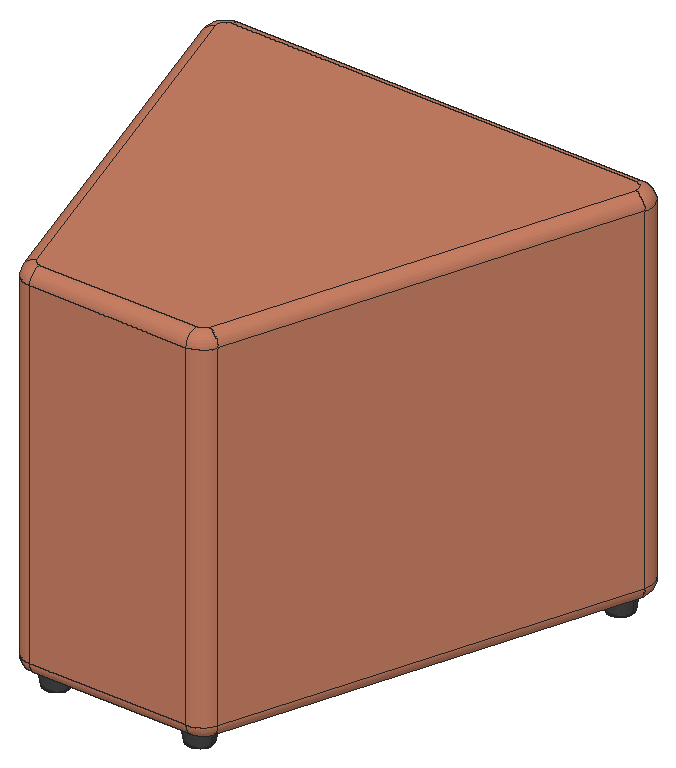
Revit family "BuroSeating_Konfurb Star_Ottoman 2", category Furniture, Revit 2020
Family settings
  OmniClass Number = 23.40.70.14.64.11
  OmniClass Title = Office Furniture
  Work Plane-Based = No
  Always vertical = Yes
  Cut with Voids When Loaded = No
  Shared = No
  Room Calculation Point = No
Parameters (values of type "KON723-OTT2")
  WarrantyDescription = "Full 5 year guarantee (excluding upholstery)"  # constant formula
  URL AU = "https://buroseating.com/"
  URL = "https://buroseating.co.nz/"
  SeatMaterial [instance] = BuroSeating_Fabric_Dolly Flame
  SeatHeight = 450 mm  # constant formula
  ProductRange = "Konfurb"  # constant formula
  ProductPageURL NZ = "https://buroseating.co.nz/product/star/"
  ProductPageURL AU = "https://buroseating.com/product/star/"
  ProductGroup = "Star"  # constant formula
  NominalWidth = 530 mm  # constant formula
  NominalLength = 500 mm  # constant formula
  NominalHeight = 450 mm  # constant formula
  Model = "KON723-OTT2"  # constant formula
  Manufacturer = "Buro Seating"  # constant formula
  Keynote = ""
  FeetMaterial = BuroSeating_Plastic_Black
  FeetDiameter = 35 mm  # constant formula
  Description = "Konfub Star Ottoman 2"  # constant formula
  ContactEmail NZ = "seating@buroseating.com"
  ContactEmail AU = "seating@buroseating.com.au"
  BaseOffset = 18 mm  # constant formula
  Default Elevation = 0 mm
  Assembly Code = "E2020"
Reference planes
  plane 1 "Front": y = 0
  plane 2: z = 0
  plane 3 "Left": x = 0
  plane 4 "Right": x = 200
  plane 5 "Base": z = 18
  plane 6 "Center L/S": y = 500
  plane 7 "SeatHeight": z = 450
  plane 8 "Feet04": x = 100
  plane 9 "Center (Left/Right)": x = 100
  plane 10 "Center (Front/Back)": y = 250
  plane 11 "FarLeft": x = -165
  plane 12 "FarRight": x = 365
  plane 13 "Feet08": x = 265
Forms (mm)
  Extrusion 1, solid, material "BuroSeating_Fabric_Dolly Flame" <- "SeatMaterial"
    sketch origin (240, 415.692, 750) x (-1, 0, 0) y (0, -1, 0)
      loop
        line (232.846, 415.692) -> (47.154, 415.692)
        arc (47.154, 415.692) -> (32.478, 410.931) -> (23.392, 398.462) r 25
        line (23.392, 398.462) -> (-123.762, -51.538)
        arc (-123.762, -51.538) -> (-120.239, -73.983) -> (-100, -84.308) r 25
        line (-100, -84.308) -> (380, -84.308)
        arc (380, -84.308) -> (400.239, -73.983) -> (403.762, -51.538) r 25
        line (403.762, -51.538) -> (256.608, 398.462)
        arc (256.608, 398.462) -> (247.522, 410.931) -> (232.846, 415.692) r 25
    from -732 to -300
  Sweep 2, void
    path in 3D
      loop
        arc (192.846, 0, 450) -> (207.522, 4.761, 450) -> (216.608, 17.23, 450) r 25
        line (216.608, 17.23, 450) -> (363.762, 467.23, 450)
        arc (363.762, 467.23, 450) -> (360.239, 489.676, 450) -> (340, 500, 450) r 25
        line (340, 500, 450) -> (-140, 500, 450)
        arc (-140, 500, 450) -> (-160.239, 489.676, 450) -> (-163.762, 467.23, 450) r 25
        line (-163.762, 467.23, 450) -> (-16.608, 17.23, 450)
        arc (-16.608, 17.23, 450) -> (-7.522, 4.761, 450) -> (7.154, 0, 450) r 25
        line (7.154, 0, 450) -> (192.846, 0, 450)
    profile origin (100, 0, 450) x (0, 1, 0) y (0, 0, 1)
      loop
        line (0, 0) -> (0, -15)
        arc (0, -15) -> (4.393, -4.393) -> (15, 0) r 15
        line (15, 0) -> (0, 0)
  Sweep 3, void
    path in 3D
      loop
        arc (192.846, 0, 18) -> (207.522, 4.761, 18) -> (216.608, 17.23, 18) r 25
        line (216.608, 17.23, 18) -> (363.762, 467.23, 18)
        arc (363.762, 467.23, 18) -> (360.239, 489.676, 18) -> (340, 500, 18) r 25
        line (340, 500, 18) -> (-140, 500, 18)
        arc (-140, 500, 18) -> (-160.239, 489.676, 18) -> (-163.762, 467.23, 18) r 25
        line (-163.762, 467.23, 18) -> (-16.608, 17.23, 18)
        arc (-16.608, 17.23, 18) -> (-7.522, 4.761, 18) -> (7.154, 0, 18) r 25
        line (7.154, 0, 18) -> (192.846, 0, 18)
    profile origin (100, 0, 18) x (0, -1, 0) y (0, 0, -1)
      loop
        line (0, 0) -> (-15, 0)
        arc (-15, 0) -> (-4.393, -4.393) -> (0, -15) r 15
        line (0, -15) -> (0, 0)
Cuts and joins
  Sweep 2, Sweep 3 cuts Extrusion 1
Lines and regions (mm)
  sketch lines
    curve 1: line (7.154, 0, 450) -> (192.846, 0, 450)
    curve 2: arc (216.608, 17.23, 450) -> (207.522, 4.761, 450) -> (192.846, 0, 450) r 25
    curve 3: line (216.608, 17.23, 450) -> (363.762, 467.23, 450)
    curve 4: arc (340, 500, 450) -> (360.239, 489.676, 450) -> (363.762, 467.23, 450) r 25
    curve 5: line (340, 500, 450) -> (-140, 500, 450)
    curve 6: line (-163.762, 467.23, 450) -> (-16.608, 17.23, 450)
    curve 7: arc (-163.762, 467.23, 450) -> (-160.239, 489.676, 450) -> (-140, 500, 450) r 25
    curve 8: arc (7.154, 0, 450) -> (-7.522, 4.761, 450) -> (-16.608, 17.23, 450) r 25
    curve 9: line (7.154, 0, 18) -> (192.846, 0, 18)
    curve 10: arc (216.608, 17.23, 18) -> (207.522, 4.761, 18) -> (192.846, 0, 18) r 25
    curve 11: line (216.608, 17.23, 18) -> (363.762, 467.23, 18)
    curve 12: arc (340, 500, 18) -> (360.239, 489.676, 18) -> (363.762, 467.23, 18) r 25
    curve 13: line (340, 500, 18) -> (-140, 500, 18)
    curve 14: line (-163.762, 467.23, 18) -> (-16.608, 17.23, 18)
    curve 15: arc (-163.762, 467.23, 18) -> (-160.239, 489.676, 18) -> (-140, 500, 18) r 25
    curve 16: arc (7.154, 0, 18) -> (-7.522, 4.761, 18) -> (-16.608, 17.23, 18) r 25
Dimensions and locks
  "BaseOffset": plane 5 "Base" to plane 2
  plane 3 "Left" to plane 4 "Right" = 200 mm
  plane 1 "Front" to plane 6 "Center L/S" = 500 mm
  "SeatHeight": plane 7 "SeatHeight" to plane 2
  plane 1 "Front" to plane 10 "Center (Front/Back)" to plane 6 "Center L/S" = 250 mm, 250 mm
  plane 11 "FarLeft" to plane 12 "FarRight" = 530 mm
  plane 3 "Left" to plane 9 "Center (Left/Right)" = 100 mm
  plane 9 "Center (Left/Right)" to plane 4 "Right" = 100 mm
  plane 11 "FarLeft" to plane 9 "Center (Left/Right)" to plane 12 "FarRight" = 265 mm, 265 mm
  aligned and locked: level to plane 2
  aligned and locked: Extrusion 1 to plane 5 "Base"
  aligned and locked: plane 7 "SeatHeight" to Extrusion 1
Automatic sketch dimensions
  plane 6 "Center L/S" to Extrusion 1 sketch curve = 0 mm
  plane 1 "Front" to Extrusion 1 sketch curve = 0 mm
  plane 12 "FarRight" to Extrusion 1 sketch curve = 1.238 mm
  Extrusion 1 sketch curve to Extrusion 1 sketch curve = 23.762 mm
  plane 4 "Right" to Extrusion 1 sketch curve = 16.608 mm
  Extrusion 1 sketch curve to plane 4 "Right" = 7.154 mm
  plane 3 "Left" to Extrusion 1 sketch curve = 7.154 mm
  Extrusion 1 sketch curve to plane 3 "Left" = 16.608 mm
  Extrusion 1 sketch curve to plane 11 "FarLeft" = 25 mm
  Extrusion 1 sketch curve to plane 11 "FarLeft" = 1.238 mm
  Extrusion 1 sketch curve to Extrusion 1 sketch curve = 25 mm  (x3)
  Extrusion 1 sketch curve to plane 1 "Front" = 25 mm
  Sweep 2 sketch curve to profile plane = 0 mm  (x3)
  Sweep 2 sketch curve to profile plane = 15 mm
  Sweep 2 sketch curve to Sweep 2 sketch curve = 0 mm
  profile plane to Sweep 3 sketch curve = 0 mm
  Sweep 3 sketch curve to profile plane = 0 mm  (x2)
  profile plane to Sweep 3 sketch curve = 15 mm
  Sweep 3 sketch curve to Sweep 3 sketch curve = 0 mm
Nested families
  nested 1: "x_BuroSeating_Konfurb_Feet_01" at (-134.145, 468.18, 0), type "Type 1"
    with calc_FeetRadiusTop 17.5 mm, calc_FeetRadiusBase 13.5 mm, FeetDiameter 35 mm
  nested 2: "x_BuroSeating_Konfurb_Feet_01" at (15, 30, 0), type "Type 1"
    with calc_FeetRadiusTop 17.5 mm, calc_FeetRadiusBase 13.5 mm, FeetDiameter 35 mm
  nested 3: "x_BuroSeating_Konfurb_Feet_01" at (334.145, 468.18, 0) x (-1, 0, 0) z (0, 0, 1), type "Type 1"
    with calc_FeetRadiusTop 17.5 mm, calc_FeetRadiusBase 13.5 mm, FeetDiameter 35 mm
  nested 4: "x_BuroSeating_Konfurb_Feet_01" at (185, 30, 0) x (-1, 0, 0) z (0, 0, 1), type "Type 1"
    with calc_FeetRadiusTop 17.5 mm, calc_FeetRadiusBase 13.5 mm, FeetDiameter 35 mm
Definition of nested family "x_BuroSeating_Konfurb_Feet_01"
  Parameters (values of type "Type 1")
    calc_FeetRadiusTop = FeetDiameter / 2  # 25 mm
    calc_FeetRadiusBase = calc_FeetRadiusTop - 4 mm  # 21 mm
    FeetMaterial = none
    FeetHeight = 18 mm
    FeetDiameter = 50 mm
    Default Elevation = 0 mm
  Reference planes
    plane 1 "Center (Front/Back)": y = 0
    plane 2: z = 0
    plane 3 "Center (Left/Right)": x = 0
    plane 4 "Top": z = 17.868
  Forms (mm)
    Revolve 1, solid, material <- "FeetMaterial"
      sketch origin (0, 0, 17.868) x (1, 0, 0) y (0, 0, 1)
        loop
          line (0, 0) -> (0, -17.868) -> (21, -17.868)
          arc (21, -17.868) -> (21.888, -17.539) -> (22.346, -16.71) r 1.361
          line (22.346, -16.71) -> (25, 0) -> (0, 0)
        axis (0, 0) -> (0, -17.868)
      angle from 0 to 360
  Dimensions and locks
    "calc_FeetRadiusTop": Revolve 1 sketch curve to Revolve 1 sketch curve
    "calc_FeetRadiusBase": Revolve 1 sketch curve to Revolve 1 sketch curve
    plane 4 "Top" to level = 17.868 mm
    aligned and locked: plane 2 to level
  Automatic sketch dimensions
    Revolve 1 sketch curve to plane 3 "Center (Left/Right)" = 0 mm  (x2)
    Revolve 1 sketch curve to level = 0 mm
    Revolve 1 sketch curve to plane 4 "Top" = 0 mm
    level to Revolve 1 sketch curve = 1.158 mm
    Revolve 1 sketch curve to Revolve 1 sketch curve = 1.346 mm
    Revolve 1 sketch curve to level = 1.109 mm
    plane 4 "Top" to Revolve 1 sketch curve = 1.468 mm
